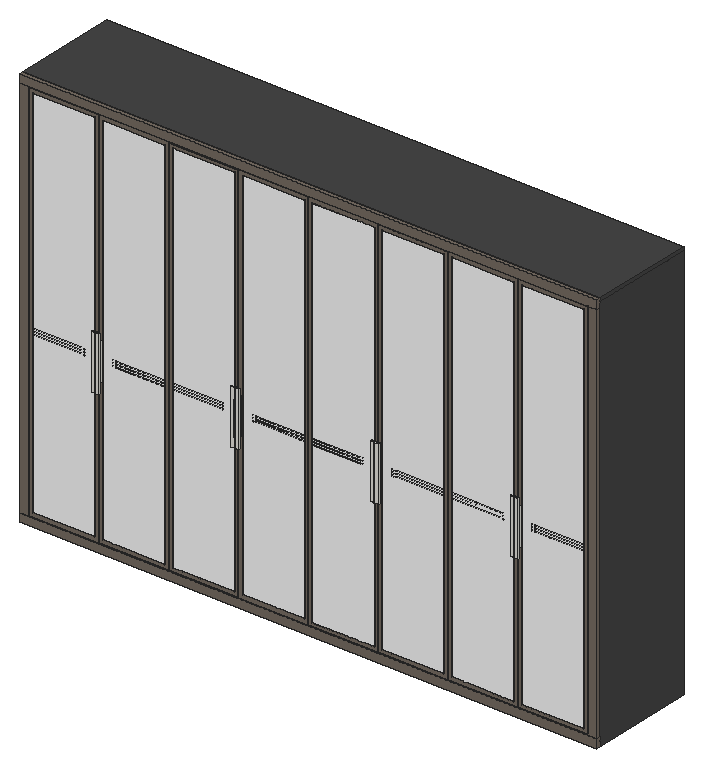
Revit family
Parameters (values of type "KO-Domestic wardrobe Audition NWP41484 01 W3270*D620*H1900")
  Manufacturer = "dreamvil"
  Model = "Audition  NWP41484"
  upper frame material = sapele width weak
  upper face material = 몸통
  side frame material = sapele length weak
  side material = 몸통
  knob material = Chrome, 2
  frame material = sapele length weak
  face material = white shine
  back face material = sapele length weak
  Width = 3300 mm
  Height = 2300 mm
  Depth = 620 mm
  Assembly Code = ""
Reference planes
  plane 1 "중심(앞/뒤)": y = 0
  plane 2: z = 0
  plane 3 "중심(왼쪽/오른쪽)": x = 0
  plane 4: y = 303.459
  plane 5: y = -316.541
  plane 6: x = -1650
  plane 7: x = 1650
  plane 8: z = 2300
  plane 9: x = -1600
  plane 10: x = 1600
  plane 11: z = 2250
  plane 12: z = 50
  plane 13: x = -1596
  plane 14: x = 1596
  plane 15: z = 2246
  plane 16: z = 54
  plane 17: x = -799
  plane 18: x = 799
  plane 19: x = -1198.5
  plane 20: x = -399.5
  plane 21: x = 399.5
  plane 22: x = 1198.5
  plane 23: x = -1598
  plane 24: x = 1598
  plane 25: x = -1200.5
  plane 26: x = -1196.5
  plane 27: x = -801
  plane 28: x = -797
  plane 29: x = -401.5
  plane 30: x = -397.5
  plane 31: x = -2
  plane 32: x = 2
  plane 33: x = 397.5
  plane 34: x = 401.5
  plane 35: x = 797
  plane 36: x = 801
  plane 37: x = 1196.5
  plane 38: x = 1200.5
  plane 39: z = 74
  plane 40: z = 2226
  plane 41: x = -1220.5
  plane 42: x = -1176.5
  plane 43: x = -1576
  plane 44: x = -821
  plane 45: x = -777
  plane 46: x = -421.5
  plane 47: x = -377.5
  plane 48: x = -22
  plane 49: x = 22
  plane 50: x = 377.5
  plane 51: x = 421.5
  plane 52: x = 777
  plane 53: x = 821
  plane 54: x = 1176.5
  plane 55: x = 1220.5
  plane 56: x = 1576
  plane 57: y = 293.459
  plane 58: y = 286.459
  plane 59: y = -296.541
  plane 60: y = -306.541
  plane 61: y = -308.541
  plane 62: z = 2280
  plane 63: z = 20
  plane 64: x = -1630
  plane 65: x = 1630
  plane 66: y = -343.081
  plane 67: y = -336.541
  plane 68: z = 997.938
  plane 69: z = 840.877
Forms (mm)
  Extrusion 1, solid, material "sapele width weak" <- "upper frame material"
    sketch origin (0, 0, 0) x (1, 0, 0) y (0, 0, 1)
      loop
        line (-1650, 2300) -> (-1650, 2250) -> (1650, 2250) -> (1650, 2300) -> (-1650, 2300)
    from 296.541 to 316.541
  Extrusion 2, solid, material "sapele width weak" <- "upper frame material"
    sketch origin (0, 0, 1792) x (1, 0, 0) y (0, 0, 1)
      loop
        line (-1650, -1792) -> (1650, -1792) -> (1650, -1742) -> (-1650, -1742) -> (-1650, -1792)
    from 296.541 to 316.541
  Extrusion 3, solid, material "sapele length weak" <- "side frame material"
    sketch origin (0, 0, 0) x (1, 0, 0) y (0, 0, 1)
      loop
        line (-1650, 2250) -> (-1650, 50) -> (-1600, 50) -> (-1600, 2250) -> (-1650, 2250)
    from 296.541 to 316.541
  Extrusion 4, solid, material "sapele length weak" <- "side frame material"
    sketch origin (104, 0, 0) x (-1, 0, 0) y (0, 0, -1)
      loop
        line (-1546, -2250) -> (-1496, -2250) -> (-1496, -50) -> (-1546, -50) -> (-1546, -2250)
    from 296.541 to 316.541
  Extrusion 5, solid, material "몸통" <- "upper face material"
    sketch origin (0, 0, 0) x (1, 0, 0) y (0, 0, 1)
      loop
        line (-1650, 2300) -> (-1650, 2280) -> (1650, 2280) -> (1650, 2300) -> (-1650, 2300)
    from -303.459 to 296.541
  Extrusion 6, solid, material "몸통" <- "upper face material"
    sketch origin (0, 0, 1672) x (1, 0, 0) y (0, 0, 1)
      loop
        line (-1630, -1672) -> (1630, -1672) -> (1630, -1652) -> (-1630, -1652) -> (-1630, -1672)
    from -303.459 to 296.541
  Extrusion 7, solid, material "몸통" <- "side material"
    sketch origin (0, 0, 0) x (1, 0, 0) y (0, 0, 1)
      loop
        line (-1650, 2280) -> (-1650, 0) -> (-1630, 0) -> (-1630, 2280) -> (-1650, 2280)
    from -303.459 to 296.541
  Extrusion 8, solid, material "몸통" <- "side material"
    sketch origin (104, 0, 0) x (-1, 0, 0) y (0, 0, -1)
      loop
        line (-1546, -2280) -> (-1526, -2280) -> (-1526, 0) -> (-1546, 0) -> (-1546, -2280)
    from -303.459 to 296.541
  Extrusion 9, solid, material "sapele length weak" <- "back face material"
    sketch origin (0, 0, 0) x (1, 0, 0) y (0, 1, 0)
      loop
        line (-1630, 293.459) -> (-1630, 286.459) -> (1630, 286.459) -> (1630, 293.459) -> (-1630, 293.459)
    from 20 to 2280
  Extrusion 10, solid, material "sapele length weak" <- "frame material"
    sketch origin (0, 0, 0) x (1, 0, 0) y (0, 0, 1)
      loop
        line (-1596, 2246) -> (-1596, 54) -> (-1200.5, 54) -> (-1200.5, 2246) -> (-1596, 2246)
      loop
        line (-1220.5, 74) -> (-1220.5, 2226) -> (-1576, 2226) -> (-1576, 74) -> (-1220.5, 74)
    from 308.541 to 316.541
  Extrusion 11, solid, material "sapele length weak" <- "frame material"
    sketch origin (-2524.5, 0, 0) x (-1, 0, 0) y (0, 0, -1)
      loop
        line (-1723.5, -2246) -> (-1328, -2246) -> (-1328, -54) -> (-1723.5, -54) -> (-1723.5, -2246)
      loop
        line (-1703.5, -74) -> (-1703.5, -1390) -> (-1703.5, -2226) -> (-1348, -2226) -> (-1348, -1390) -> (-1348, -74) -> (-1703.5, -74)
    from 308.541 to 316.541
  Extrusion 12, solid, material "sapele length weak" <- "frame material"
    sketch origin (841.5, 0, 0) x (1, 0, 0) y (0, 0, 1)
      loop
        line (-1638.5, 2246) -> (-1638.5, 54) -> (-1243, 54) -> (-1243, 2246) -> (-1638.5, 2246)
      loop
        line (-1618.5, 74) -> (-1263, 74) -> (-1263, 1390) -> (-1263, 2226) -> (-1618.5, 2226) -> (-1618.5, 1390) -> (-1618.5, 74)
    from 308.541 to 316.541
  Extrusion 13, solid, material "sapele length weak" <- "frame material"
    sketch origin (-1683, 0, 0) x (-1, 0, 0) y (0, 0, -1)
      loop
        line (-1681, -2246) -> (-1285.5, -2246) -> (-1285.5, -54) -> (-1681, -54) -> (-1681, -2246)
      loop
        line (-1661, -74) -> (-1661, -1390) -> (-1661, -2226) -> (-1305.5, -2226) -> (-1305.5, -1390) -> (-1305.5, -74) -> (-1661, -74)
    from 308.541 to 316.541
  Extrusion 14, solid, material "sapele length weak" <- "frame material"
    sketch origin (1683, 0, 0) x (1, 0, 0) y (0, 0, 1)
      loop
        line (-1681, 2246) -> (-1681, 54) -> (-1285.5, 54) -> (-1285.5, 2246) -> (-1681, 2246)
      loop
        line (-1661, 74) -> (-1305.5, 74) -> (-1305.5, 1390) -> (-1305.5, 2226) -> (-1661, 2226) -> (-1661, 1390) -> (-1661, 74)
    from 308.541 to 316.541
  Extrusion 15, solid, material "sapele length weak" <- "frame material"
    sketch origin (-841.5, 0, 0) x (-1, 0, 0) y (0, 0, -1)
      loop
        line (-1638.5, -2246) -> (-1243, -2246) -> (-1243, -54) -> (-1638.5, -54) -> (-1638.5, -2246)
      loop
        line (-1618.5, -74) -> (-1618.5, -1390) -> (-1618.5, -2226) -> (-1263, -2226) -> (-1263, -1390) -> (-1263, -74) -> (-1618.5, -74)
    from 308.541 to 316.541
  Extrusion 16, solid, material "sapele length weak" <- "frame material"
    sketch origin (2524.5, 0, 0) x (1, 0, 0) y (0, 0, 1)
      loop
        line (-1723.5, 2246) -> (-1723.5, 54) -> (-1328, 54) -> (-1328, 2246) -> (-1723.5, 2246)
      loop
        line (-1703.5, 74) -> (-1348, 74) -> (-1348, 1390) -> (-1348, 2226) -> (-1703.5, 2226) -> (-1703.5, 1390) -> (-1703.5, 74)
    from 308.541 to 316.541
  Extrusion 17, solid, material "sapele length weak" <- "frame material"
    sketch origin (0, 0, 0) x (-1, 0, 0) y (0, 0, -1)
      loop
        line (-1596, -2246) -> (-1200.5, -2246) -> (-1200.5, -54) -> (-1596, -54) -> (-1596, -2246)
      loop
        line (-1576, -74) -> (-1576, -1390) -> (-1576, -2226) -> (-1220.5, -2226) -> (-1220.5, -1390) -> (-1220.5, -74) -> (-1576, -74)
    from 308.541 to 316.541
  Extrusion 18, solid, material "white shine" <- "face material"
    sketch origin (0, 0, 0) x (1, 0, 0) y (0, 0, 1)
      loop
        line (-1576, 2226) -> (-1576, 1021) -> (-1297.25, 1021) -> (-1297.25, 1016) -> (-1576, 1016) -> (-1576, 1006) -> (-1297.25, 1006) -> (-1297.25, 1001) -> (-1576, 1001) -> (-1576, 991) -> (-1297.25, 991) -> (-1297.25, 986) -> (-1576, 986) -> (-1576, 74) -> (-1220.5, 74) -> (-1220.5, 2226) -> (-1576, 2226)
      loop
        line (-1176.5, 2226) -> (-1176.5, 74) -> (-821, 74) -> (-821, 986) -> (-1099.75, 986) -> (-1099.75, 991) -> (-821, 991) -> (-821, 1001) -> (-1099.75, 1001) -> (-1099.75, 1006) -> (-821, 1006) -> (-821, 1016) -> (-1099.75, 1016) -> (-1099.75, 1021) -> (-821, 1021) -> (-821, 2226) -> (-1176.5, 2226)
      loop
        line (-777, 2226) -> (-777, 1021) -> (-498.25, 1021) -> (-498.25, 1016) -> (-777, 1016) -> (-777, 1006) -> (-498.25, 1006) -> (-498.25, 1001) -> (-777, 1001) -> (-777, 991) -> (-498.25, 991) -> (-498.25, 986) -> (-777, 986) -> (-777, 74) -> (-421.5, 74) -> (-421.5, 2226) -> (-777, 2226)
      loop
        line (-377.5, 2226) -> (-377.5, 74) -> (-22, 74) -> (-22, 986) -> (-300.75, 986) -> (-300.75, 991) -> (-22, 991) -> (-22, 1001) -> (-300.75, 1001) -> (-300.75, 1006) -> (-22, 1006) -> (-22, 1016) -> (-300.75, 1016) -> (-300.75, 1021) -> (-22, 1021) -> (-22, 2226) -> (-377.5, 2226)
      loop
        line (22, 2226) -> (22, 1021) -> (300.75, 1021) -> (300.75, 1016) -> (22, 1016) -> (22, 1006) -> (300.75, 1006) -> (300.75, 1001) -> (22, 1001) -> (22, 991) -> (300.75, 991) -> (300.75, 986) -> (22, 986) -> (22, 74) -> (377.5, 74) -> (377.5, 2226) -> (22, 2226)
      loop
        line (421.5, 2226) -> (421.5, 74) -> (777, 74) -> (777, 986) -> (498.25, 986) -> (498.25, 991) -> (777, 991) -> (777, 1001) -> (498.25, 1001) -> (498.25, 1006) -> (777, 1006) -> (777, 1016) -> (498.25, 1016) -> (498.25, 1021) -> (777, 1021) -> (777, 2226) -> (421.5, 2226)
      loop
        line (821, 2226) -> (821, 1021) -> (1099.75, 1021) -> (1099.75, 1016) -> (821, 1016) -> (821, 1006) -> (1099.75, 1006) -> (1099.75, 1001) -> (821, 1001) -> (821, 991) -> (1099.75, 991) -> (1099.75, 986) -> (821, 986) -> (821, 74) -> (1176.5, 74) -> (1176.5, 2226) -> (821, 2226)
      loop
        line (1220.5, 2226) -> (1220.5, 74) -> (1576, 74) -> (1576, 986) -> (1297.25, 986) -> (1297.25, 991) -> (1576, 991) -> (1576, 1001) -> (1297.25, 1001) -> (1297.25, 1006) -> (1576, 1006) -> (1576, 1016) -> (1297.25, 1016) -> (1297.25, 1021) -> (1576, 1021) -> (1576, 2226) -> (1220.5, 2226)
      loop
        line (-1287.635, 1021) -> (-1287.635, 1016) -> (-1277.464, 1016) -> (-1277.464, 1021) -> (-1287.635, 1021)
      loop
        line (-1287.635, 1006) -> (-1287.635, 1001) -> (-1277.464, 1001) -> (-1277.464, 1006) -> (-1287.635, 1006)
      loop
        line (-1287.635, 991) -> (-1287.635, 986) -> (-1277.464, 986) -> (-1277.464, 991) -> (-1287.635, 991)
      loop
        line (-1109.365, 1021) -> (-1119.536, 1021) -> (-1119.536, 1016) -> (-1109.365, 1016) -> (-1109.365, 1021)
      loop
        line (-1109.365, 1006) -> (-1119.536, 1006) -> (-1119.536, 1001) -> (-1109.365, 1001) -> (-1109.365, 1006)
      loop
        line (-1109.365, 991) -> (-1119.536, 991) -> (-1119.536, 986) -> (-1109.365, 986) -> (-1109.365, 991)
      loop
        line (-310.365, 1021) -> (-320.536, 1021) -> (-320.536, 1016) -> (-310.365, 1016) -> (-310.365, 1021)
      loop
        line (-310.365, 1006) -> (-320.536, 1006) -> (-320.536, 1001) -> (-310.365, 1001) -> (-310.365, 1006)
      loop
        line (-310.365, 991) -> (-320.536, 991) -> (-320.536, 986) -> (-310.365, 986) -> (-310.365, 991)
      loop
        line (-488.635, 1021) -> (-488.635, 1016) -> (-478.464, 1016) -> (-478.464, 1021) -> (-488.635, 1021)
      loop
        line (-488.635, 1006) -> (-488.635, 1001) -> (-478.464, 1001) -> (-478.464, 1006) -> (-488.635, 1006)
      loop
        line (-488.635, 991) -> (-488.635, 986) -> (-478.464, 986) -> (-478.464, 991) -> (-488.635, 991)
      loop
        line (310.365, 1021) -> (310.365, 1016) -> (320.536, 1016) -> (320.536, 1021) -> (310.365, 1021)
      loop
        line (310.365, 1006) -> (310.365, 1001) -> (320.536, 1001) -> (320.536, 1006) -> (310.365, 1006)
      loop
        line (310.365, 991) -> (310.365, 986) -> (320.536, 986) -> (320.536, 991) -> (310.365, 991)
      loop
        line (488.635, 1021) -> (478.464, 1021) -> (478.464, 1016) -> (488.635, 1016) -> (488.635, 1021)
      loop
        line (488.635, 1006) -> (478.464, 1006) -> (478.464, 1001) -> (488.635, 1001) -> (488.635, 1006)
      loop
        line (488.635, 991) -> (478.464, 991) -> (478.464, 986) -> (488.635, 986) -> (488.635, 991)
      loop
        line (1287.635, 1021) -> (1277.464, 1021) -> (1277.464, 1016) -> (1287.635, 1016) -> (1287.635, 1021)
      loop
        line (1287.635, 1006) -> (1277.464, 1006) -> (1277.464, 1001) -> (1287.635, 1001) -> (1287.635, 1006)
      loop
        line (1287.635, 991) -> (1277.464, 991) -> (1277.464, 986) -> (1287.635, 986) -> (1287.635, 991)
      loop
        line (1109.365, 1021) -> (1109.365, 1016) -> (1119.536, 1016) -> (1119.536, 1021) -> (1109.365, 1021)
      loop
        line (1109.365, 1006) -> (1109.365, 1001) -> (1119.536, 1001) -> (1119.536, 1006) -> (1109.365, 1006)
      loop
        line (1109.365, 991) -> (1109.365, 986) -> (1119.536, 986) -> (1119.536, 991) -> (1109.365, 991)
    from 308.541 to 316.541
  Extrusion 19, solid, material "sapele length weak" <- "frame material"
    sketch origin (0, 0, 0) x (1, 0, 0) y (0, 0, 1)
      loop
        line (-1600, 2250) -> (-1600, 50) -> (1600, 50) -> (1600, 2250) -> (-1600, 2250)
    from 306.541 to 308.541
  Extrusion 20, solid, material "Chrome, 2" <- "knob material"
    sketch origin (1570.536, 0, 0) x (1, 0, 0) y (0, 0, 1)
      loop
        line (-1186, 1091.247) -> (-1186, 881.247) -> (-1180, 881.247) -> (-1180, 1091.247) -> (-1186, 1091.247)
    from 316.541 to 336.541
  Extrusion 21, solid, material "Chrome, 2" <- "knob material"
    sketch origin (-728.964, 0, 0) x (-1, 0, 0) y (0, 0, -1)
      loop
        line (-1143.5, -1091.247) -> (-1137.5, -1091.247) -> (-1137.5, -881.247) -> (-1143.5, -881.247) -> (-1143.5, -1091.247)
    from 316.541 to 336.541
  Extrusion 22, solid, material "Chrome, 2" <- "knob material"
    sketch origin (1570.536, 0, 0) x (1, 0, 0) y (0, 0, 1)
      loop
        line (-1193, 1141.247) -> (-1193, 831.247) -> (-1173, 831.247) -> (-1173, 1141.247) -> (-1193, 1141.247)
    from 336.541 to 343.081
  Extrusion 23, solid, material "Chrome, 2" <- "knob material"
    sketch origin (-728.964, 0, 0) x (-1, 0, 0) y (0, 0, -1)
      loop
        line (-1150.5, -1141.247) -> (-1130.5, -1141.247) -> (-1130.5, -831.247) -> (-1150.5, -831.247) -> (-1150.5, -1141.247)
    from 336.541 to 343.081
  Extrusion 24, solid, material "Chrome, 2" <- "knob material"
    sketch origin (-1570.536, 0, 0) x (-1, 0, 0) y (0, 0, -1)
      loop
        line (-1186, -1091.247) -> (-1180, -1091.247) -> (-1180, -881.247) -> (-1186, -881.247) -> (-1186, -1091.247)
    from 316.541 to 336.541
  Extrusion 25, solid, material "Chrome, 2" <- "knob material"
    sketch origin (728.964, 0, 0) x (1, 0, 0) y (0, 0, 1)
      loop
        line (-1143.5, 1091.247) -> (-1143.5, 881.247) -> (-1137.5, 881.247) -> (-1137.5, 1091.247) -> (-1143.5, 1091.247)
    from 316.541 to 336.541
  Extrusion 26, solid, material "Chrome, 2" <- "knob material"
    sketch origin (-1570.536, 0, 0) x (-1, 0, 0) y (0, 0, -1)
      loop
        line (-1193, -1141.247) -> (-1173, -1141.247) -> (-1173, -831.247) -> (-1193, -831.247) -> (-1193, -1141.247)
    from 336.541 to 343.081
  Extrusion 27, solid, material "Chrome, 2" <- "knob material"
    sketch origin (728.964, 0, 0) x (1, 0, 0) y (0, 0, 1)
      loop
        line (-1150.5, 1141.247) -> (-1150.5, 831.247) -> (-1130.5, 831.247) -> (-1130.5, 1141.247) -> (-1150.5, 1141.247)
    from 336.541 to 343.081
  Extrusion 28, solid, material "Chrome, 2" <- "knob material"
    sketch origin (-112.464, 0, 0) x (1, 0, 0) y (0, 0, 1)
      loop
        line (-1101, 1091.247) -> (-1101, 881.247) -> (-1095, 881.247) -> (-1095, 1091.247) -> (-1101, 1091.247)
    from 316.541 to 336.541
  Extrusion 29, solid, material "Chrome, 2" <- "knob material"
    sketch origin (-2411.964, 0, 0) x (-1, 0, 0) y (0, 0, -1)
      loop
        line (-1228.5, -1091.247) -> (-1222.5, -1091.247) -> (-1222.5, -881.247) -> (-1228.5, -881.247) -> (-1228.5, -1091.247)
    from 316.541 to 336.541
  Extrusion 30, solid, material "Chrome, 2" <- "knob material"
    sketch origin (-112.464, 0, 0) x (1, 0, 0) y (0, 0, 1)
      loop
        line (-1108, 1141.247) -> (-1108, 831.247) -> (-1088, 831.247) -> (-1088, 1141.247) -> (-1108, 1141.247)
    from 336.541 to 343.081
  Extrusion 31, solid, material "Chrome, 2" <- "knob material"
    sketch origin (-2411.964, 0, 0) x (-1, 0, 0) y (0, 0, -1)
      loop
        line (-1235.5, -1141.247) -> (-1215.5, -1141.247) -> (-1215.5, -831.247) -> (-1235.5, -831.247) -> (-1235.5, -1141.247)
    from 336.541 to 343.081
  Extrusion 32, solid, material "Chrome, 2" <- "knob material"
    sketch origin (-372.536, 0, 0) x (-1, 0, 0) y (0, 0, -1)
      loop
        line (-1586, -1091.247) -> (-1580, -1091.247) -> (-1580, -881.247) -> (-1586, -881.247) -> (-1586, -1091.247)
    from 316.541 to 336.541
  Extrusion 33, solid, material "Chrome, 2" <- "knob material"
    sketch origin (1926.964, 0, 0) x (1, 0, 0) y (0, 0, 1)
      loop
        line (-743.5, 1091.247) -> (-743.5, 881.247) -> (-737.5, 881.247) -> (-737.5, 1091.247) -> (-743.5, 1091.247)
    from 316.541 to 336.541
  Extrusion 34, solid, material "Chrome, 2" <- "knob material"
    sketch origin (-372.536, 0, 0) x (-1, 0, 0) y (0, 0, -1)
      loop
        line (-1593, -1141.247) -> (-1573, -1141.247) -> (-1573, -831.247) -> (-1593, -831.247) -> (-1593, -1141.247)
    from 336.541 to 343.081
  Extrusion 35, solid, material "Chrome, 2" <- "knob material"
    sketch origin (1926.964, 0, 0) x (1, 0, 0) y (0, 0, 1)
      loop
        line (-750.5, 1141.247) -> (-750.5, 831.247) -> (-730.5, 831.247) -> (-730.5, 1141.247) -> (-750.5, 1141.247)
    from 336.541 to 343.081
Lines and regions (mm)
  symbolic lines, detail levels coarse+medium
    curve 1: line (-1650, 303.459, 0) -> (1650, 303.459, 0)
    curve 2: line (-1650, -316.541, 0) -> (-1650, 303.459, 0)
    curve 3: line (1650, -316.541, 0) -> (-1650, -316.541, 0)
    curve 4: line (1650, 303.459, 0) -> (1650, -316.541, 0)
    curve 5: line (-1650, -296.541, 0) -> (1650, -296.541, 0)
  symbolic lines, detail levels fine
    curve 6: line (1650, 303.459, 0) -> (-1650, 303.459, 0)
    curve 7: line (1630, 293.459, 0) -> (-1630, 293.459, 0)
    curve 8: line (-1630, 286.459, 0) -> (1630, 286.459, 0)
    curve 9: line (-1650, -296.541, 0) -> (1650, -296.541, 0)
    curve 10: line (1600, -306.541, 0) -> (-1600, -306.541, 0)
    curve 11: line (-1600, -308.541, 0) -> (1600, -308.541, 0)
    curve 12: line (-1650, -316.541, 0) -> (1650, -316.541, 0)
    curve 13: line (1220.464, -336.541, 0) -> (1200.464, -336.541, 0)
    curve 14: line (1196.464, -336.541, 0) -> (1176.464, -336.541, 0)
    curve 15: line (1200.464, -343.081, 0) -> (1220.464, -343.081, 0)
    curve 16: line (1176.464, -343.081, 0) -> (1196.464, -343.081, 0)
    curve 17: line (421.536, -336.541, 0) -> (401.536, -336.541, 0)
    curve 18: line (401.536, -343.081, 0) -> (421.536, -343.081, 0)
    curve 19: line (397.536, -336.541, 0) -> (377.536, -336.541, 0)
    curve 20: line (377.536, -343.081, 0) -> (397.536, -343.081, 0)
    curve 21: line (-377.536, -336.541, 0) -> (-397.536, -336.541, 0)
    curve 22: line (-397.536, -343.081, 0) -> (-377.536, -343.081, 0)
    curve 23: line (-401.536, -336.541, 0) -> (-421.536, -336.541, 0)
    curve 24: line (-421.536, -343.081, 0) -> (-401.536, -343.081, 0)
    curve 25: line (-1176.464, -336.541, 0) -> (-1196.464, -336.541, 0)
    curve 26: line (-1200.464, -336.541, 0) -> (-1220.464, -336.541, 0)
    curve 27: line (-1196.464, -343.081, 0) -> (-1176.464, -343.081, 0)
    curve 28: line (-1220.464, -343.081, 0) -> (-1200.464, -343.081, 0)
    curve 29: line (1650, -316.541, 0) -> (1650, 303.459, 0)
    curve 30: line (1630, 303.459, 0) -> (1630, -296.541, 0)
    curve 31: line (1600, -296.541, 0) -> (1600, -316.541, 0)
    curve 32: line (1596, -316.541, 0) -> (1596, -308.541, 0)
    curve 33: line (1576, -316.541, 0) -> (1576, -308.541, 0)
    curve 34: line (1297.25, -316.541, 0) -> (1297.25, -308.541, 0)
    curve 35: line (1287.635, -308.541, 0) -> (1287.635, -316.541, 0)
    curve 36: line (1277.464, -316.541, 0) -> (1277.464, -308.541, 0)
    curve 37: line (1220.5, -308.541, 0) -> (1220.5, -316.541, 0)
    curve 38: line (1220.464, -343.081, 0) -> (1220.464, -336.541, 0)
    curve 39: line (1213.464, -336.541, 0) -> (1213.464, -316.541, 0)
    curve 40: line (1207.464, -316.541, 0) -> (1207.464, -336.541, 0)
    curve 41: line (1200.5, -308.541, 0) -> (1200.5, -316.541, 0)
    curve 42: line (1200.464, -336.541, 0) -> (1200.464, -343.081, 0)
    curve 43: line (1196.5, -316.541, 0) -> (1196.5, -308.541, 0)
    curve 44: line (1189.464, -336.541, 0) -> (1189.464, -316.541, 0)
    curve 45: line (1196.464, -343.081, 0) -> (1196.464, -336.541, 0)
    curve 46: line (1183.464, -316.541, 0) -> (1183.464, -336.541, 0)
    curve 47: line (1176.464, -336.541, 0) -> (1176.464, -343.081, 0)
    curve 48: line (1176.5, -316.541, 0) -> (1176.5, -308.541, 0)
    curve 49: line (1119.536, -308.541, 0) -> (1119.536, -316.541, 0)
    curve 50: line (1109.365, -316.541, 0) -> (1109.365, -308.541, 0)
    curve 51: line (1099.75, -308.541, 0) -> (1099.75, -316.541, 0)
    curve 52: line (821, -308.541, 0) -> (821, -316.541, 0)
    curve 53: line (801, -308.541, 0) -> (801, -316.541, 0)
    curve 54: line (797, -316.541, 0) -> (797, -308.541, 0)
    curve 55: line (777, -316.541, 0) -> (777, -308.541, 0)
    curve 56: line (498.25, -316.541, 0) -> (498.25, -308.541, 0)
    curve 57: line (488.635, -308.541, 0) -> (488.635, -316.541, 0)
    curve 58: line (478.464, -316.541, 0) -> (478.464, -308.541, 0)
    curve 59: line (421.5, -308.541, 0) -> (421.5, -316.541, 0)
    curve 60: line (414.536, -336.541, 0) -> (414.536, -316.541, 0)
    curve 61: line (421.536, -343.081, 0) -> (421.536, -336.541, 0)
    curve 62: line (408.536, -316.541, 0) -> (408.536, -336.541, 0)
    curve 63: line (401.536, -336.541, 0) -> (401.536, -343.081, 0)
    curve 64: line (401.5, -308.541, 0) -> (401.5, -316.541, 0)
    curve 65: line (397.5, -316.541, 0) -> (397.5, -308.541, 0)
    curve 66: line (397.536, -343.081, 0) -> (397.536, -336.541, 0)
    curve 67: line (390.536, -336.541, 0) -> (390.536, -316.541, 0)
    curve 68: line (384.536, -316.541, 0) -> (384.536, -336.541, 0)
    curve 69: line (377.5, -316.541, 0) -> (377.5, -308.541, 0)
    curve 70: line (377.536, -336.541, 0) -> (377.536, -343.081, 0)
    curve 71: line (320.536, -308.541, 0) -> (320.536, -316.541, 0)
    curve 72: line (310.365, -316.541, 0) -> (310.365, -308.541, 0)
    curve 73: line (300.75, -308.541, 0) -> (300.75, -316.541, 0)
    curve 74: line (22, -308.541, 0) -> (22, -316.541, 0)
    curve 75: line (2, -308.541, 0) -> (2, -316.541, 0)
    curve 76: line (-2, -316.541, 0) -> (-2, -308.541, 0)
    curve 77: line (-22, -316.541, 0) -> (-22, -308.541, 0)
    curve 78: line (-300.75, -316.541, 0) -> (-300.75, -308.541, 0)
    curve 79: line (-310.365, -308.541, 0) -> (-310.365, -316.541, 0)
    curve 80: line (-320.536, -316.541, 0) -> (-320.536, -308.541, 0)
    curve 81: line (-377.5, -308.541, 0) -> (-377.5, -316.541, 0)
    curve 82: line (-377.536, -343.081, 0) -> (-377.536, -336.541, 0)
    curve 83: line (-384.536, -336.541, 0) -> (-384.536, -316.541, 0)
    curve 84: line (-390.536, -316.541, 0) -> (-390.536, -336.541, 0)
    curve 85: line (-397.5, -308.541, 0) -> (-397.5, -316.541, 0)
    curve 86: line (-397.536, -336.541, 0) -> (-397.536, -343.081, 0)
    curve 87: line (-401.5, -316.541, 0) -> (-401.5, -308.541, 0)
    curve 88: line (-408.536, -336.541, 0) -> (-408.536, -316.541, 0)
    curve 89: line (-401.536, -343.081, 0) -> (-401.536, -336.541, 0)
    curve 90: line (-421.536, -336.541, 0) -> (-421.536, -343.081, 0)
    curve 91: line (-414.536, -316.541, 0) -> (-414.536, -336.541, 0)
    curve 92: line (-421.5, -316.541, 0) -> (-421.5, -308.541, 0)
    curve 93: line (-478.464, -308.541, 0) -> (-478.464, -316.541, 0)
    curve 94: line (-488.635, -316.541, 0) -> (-488.635, -308.541, 0)
    curve 95: line (-498.25, -308.541, 0) -> (-498.25, -316.541, 0)
    curve 96: line (-777, -308.541, 0) -> (-777, -316.541, 0)
    curve 97: line (-797, -308.541, 0) -> (-797, -316.541, 0)
    curve 98: line (-801, -316.541, 0) -> (-801, -308.541, 0)
    curve 99: line (-821, -316.541, 0) -> (-821, -308.541, 0)
    curve 100: line (-1099.75, -316.541, 0) -> (-1099.75, -308.541, 0)
    curve 101: line (-1109.365, -308.541, 0) -> (-1109.365, -316.541, 0)
    curve 102: line (-1119.536, -316.541, 0) -> (-1119.536, -308.541, 0)
    curve 103: line (-1176.5, -308.541, 0) -> (-1176.5, -316.541, 0)
    curve 104: line (-1183.464, -336.541, 0) -> (-1183.464, -316.541, 0)
    curve 105: line (-1176.464, -343.081, 0) -> (-1176.464, -336.541, 0)
    curve 106: line (-1189.464, -316.541, 0) -> (-1189.464, -336.541, 0)
    curve 107: line (-1196.464, -336.541, 0) -> (-1196.464, -343.081, 0)
    curve 108: line (-1196.5, -308.541, 0) -> (-1196.5, -316.541, 0)
    curve 109: line (-1200.5, -316.541, 0) -> (-1200.5, -308.541, 0)
    curve 110: line (-1200.464, -343.081, 0) -> (-1200.464, -336.541, 0)
    curve 111: line (-1207.464, -336.541, 0) -> (-1207.464, -316.541, 0)
    curve 112: line (-1220.5, -316.541, 0) -> (-1220.5, -308.541, 0)
    curve 113: line (-1213.464, -316.541, 0) -> (-1213.464, -336.541, 0)
    curve 114: line (-1220.464, -336.541, 0) -> (-1220.464, -343.081, 0)
    curve 115: line (-1277.464, -308.541, 0) -> (-1277.464, -316.541, 0)
    curve 116: line (-1287.635, -316.541, 0) -> (-1287.635, -308.541, 0)
    curve 117: line (-1297.25, -308.541, 0) -> (-1297.25, -316.541, 0)
    curve 118: line (-1576, -308.541, 0) -> (-1576, -316.541, 0)
    curve 119: line (-1596, -308.541, 0) -> (-1596, -316.541, 0)
    curve 120: line (-1600, -316.541, 0) -> (-1600, -296.541, 0)
    curve 121: line (-1630, -296.541, 0) -> (-1630, 303.459, 0)
    curve 122: line (-1650, 303.459, 0) -> (-1650, -316.541, 0)
Dimensions and locks
  equal spacing: plane 23, plane 19, plane 17, plane 20, plane 3 "중심(왼쪽/오른쪽)", plane 21, plane 18, plane 22, plane 24
  "Width": plane 6 to plane 7
  "Height": plane 8 to level
  "Depth": plane 5 to plane 4
  locked: plane 6 to plane 64 at 20
  locked: plane 64 to plane 9 at 30
  locked: plane 9 to plane 23 at 2
  locked: plane 23 to plane 13 at 2
  locked: plane 19 to plane 25 at 2
  locked: plane 26 to plane 19 at 2
  locked: plane 17 to plane 27 at 2
  locked: plane 28 to plane 17 at 2
  locked: plane 20 to plane 29 at 2
  locked: plane 30 to plane 20 at 2
  locked: plane 3 "중심(왼쪽/오른쪽)" to plane 31 at 2
  locked: plane 32 to plane 3 "중심(왼쪽/오른쪽)" at 2
  locked: plane 21 to plane 33 at 2
  locked: plane 34 to plane 21 at 2
  locked: plane 18 to plane 35 at 2
  locked: plane 36 to plane 18 at 2
  locked: plane 22 to plane 37 at 2
  locked: plane 38 to plane 22 at 2
  locked: plane 14 to plane 24 at 2
  locked: plane 24 to plane 10 at 2
  locked: plane 10 to plane 65 at 30
  locked: plane 65 to plane 7 at 20
  locked: plane 8 to plane 62 at 20
  locked: plane 62 to plane 11 at 30
  locked: plane 11 to plane 15 at 4
  locked: plane 16 to plane 12 at 4
  locked: plane 12 to plane 63 at 30
  locked: plane 63 to level at 20
  locked: plane 57 to plane 4 at 10
  locked: plane 58 to plane 57 at 7
  locked: plane 60 to plane 59 at 10
  locked: plane 61 to plane 60 at 2
  locked: plane 5 to plane 61 at 8
  locked: plane 67 to plane 5 at 20
  locked: plane 66 to plane 67 at 6.541
  locked: plane 13 to plane 43 at 20
  locked: plane 25 to plane 41 at 20
  locked: plane 42 to plane 26 at 20
  locked: plane 27 to plane 44 at 20
  locked: plane 45 to plane 28 at 20
  locked: plane 29 to plane 46 at 20
  locked: plane 47 to plane 30 at 20
  locked: plane 31 to plane 48 at 20
  locked: plane 49 to plane 32 at 20
  locked: plane 33 to plane 50 at 20
  locked: plane 51 to plane 34 at 20
  locked: plane 35 to plane 52 at 20
  locked: plane 53 to plane 36 at 20
  locked: plane 37 to plane 54 at 20
  locked: plane 55 to plane 38 at 20
  locked: plane 56 to plane 14 at 20
  locked: plane 15 to plane 40 at 20
  locked: plane 39 to plane 16 at 20
  locked: plane 69 to plane 39 at 766.877
  aligned and locked: Extrusion 5 to Extrusion 6
  aligned and locked: plane 4 to Extrusion 7
  aligned and locked: plane 4 to Extrusion 8
  aligned and locked: plane 57 to Extrusion 9
  aligned and locked: plane 58 to Extrusion 9
  aligned and locked: plane 4 to Extrusion 5
  aligned and locked: Extrusion 6 to Extrusion 5  (x2)
  aligned and locked: Extrusion 1 to Extrusion 5
  aligned and locked: Extrusion 3 to Extrusion 1
  aligned and locked: plane 5 to Extrusion 3
  aligned and locked: plane 5 to Extrusion 4
  aligned and locked: plane 5 to Extrusion 17
  aligned and locked: Extrusion 1 to Extrusion 14
  aligned and locked: Extrusion 1 to Extrusion 13
  aligned and locked: Extrusion 1 to Extrusion 15
  aligned and locked: Extrusion 1 to Extrusion 16
  aligned and locked: Extrusion 1 to Extrusion 17
  aligned and locked: Extrusion 2 to Extrusion 1
  aligned and locked: Extrusion 1 to Extrusion 12
  aligned and locked: Extrusion 1 to Extrusion 11
  aligned and locked: Extrusion 1 to Extrusion 10
  aligned and locked: plane 5 to Extrusion 1
  aligned and locked: Extrusion 10 to Extrusion 1
  aligned and locked: Extrusion 17 to Extrusion 1
  aligned and locked: Extrusion 14 to Extrusion 1  (x2)
  aligned and locked: plane 6 to Extrusion 5
  aligned and locked: plane 64 to Extrusion 7
  aligned and locked: plane 64 to Extrusion 9
  aligned and locked: Extrusion 5 to plane 7
  aligned and locked: plane 65 to Extrusion 8
  aligned and locked: plane 65 to Extrusion 9
  aligned and locked: plane 7 to Extrusion 1
  aligned and locked: plane 10 to Extrusion 4
  aligned and locked: plane 14 to Extrusion 17
  aligned and locked: plane 56 to Extrusion 17  (x2)
  aligned and locked: plane 43 to Extrusion 10
  aligned and locked: plane 13 to Extrusion 10
  aligned and locked: plane 9 to Extrusion 3
  aligned and locked: plane 6 to Extrusion 1
  aligned and locked: plane 8 to Extrusion 1
  aligned and locked: plane 62 to Extrusion 5
  aligned and locked: plane 11 to Extrusion 3
  aligned and locked: level to Extrusion 2
  aligned and locked: plane 63 to Extrusion 6
  aligned and locked: plane 12 to Extrusion 2
  aligned and locked: plane 16 to Extrusion 10
  aligned and locked: plane 39 to Extrusion 10
  aligned and locked: plane 2 to Extrusion 2
  aligned and locked: plane 12 to Extrusion 3
  aligned and locked: plane 16 to Extrusion 17
  aligned and locked: plane 63 to Extrusion 9
  aligned and locked: plane 12 to Extrusion 4
  aligned and locked: plane 39 to Extrusion 17
  aligned and locked: plane 39 to Extrusion 16
  aligned and locked: plane 39 to Extrusion 15
  aligned and locked: plane 39 to Extrusion 14
  aligned and locked: plane 39 to Extrusion 13
  aligned and locked: plane 39 to Extrusion 12
  aligned and locked: plane 39 to Extrusion 11
  aligned and locked: plane 40 to Extrusion 10
  aligned and locked: plane 40 to Extrusion 11
  aligned and locked: plane 40 to Extrusion 12
  aligned and locked: plane 40 to Extrusion 13
  aligned and locked: plane 40 to Extrusion 14
  aligned and locked: plane 40 to Extrusion 15
  aligned and locked: plane 40 to Extrusion 16
  aligned and locked: plane 40 to Extrusion 17
  aligned and locked: plane 15 to Extrusion 10
  aligned and locked: plane 15 to Extrusion 11
  aligned and locked: plane 15 to Extrusion 12
  aligned and locked: plane 15 to Extrusion 13
  aligned and locked: plane 15 to Extrusion 14
  aligned and locked: plane 15 to Extrusion 15
  aligned and locked: plane 15 to Extrusion 16
  aligned and locked: plane 15 to Extrusion 17
  aligned and locked: plane 16 to Extrusion 16
  aligned and locked: plane 16 to Extrusion 15
  aligned and locked: plane 16 to Extrusion 14
  aligned and locked: plane 16 to Extrusion 13
  aligned and locked: plane 16 to Extrusion 12
  aligned and locked: plane 16 to Extrusion 11
  aligned and locked: plane 41 to Extrusion 10
  aligned and locked: plane 42 to Extrusion 11  (x2)
  aligned and locked: plane 26 to Extrusion 11
  aligned and locked: plane 25 to Extrusion 10
  aligned and locked: plane 44 to Extrusion 11  (x2)
  aligned and locked: plane 27 to Extrusion 11
  aligned and locked: plane 28 to Extrusion 12
  aligned and locked: plane 45 to Extrusion 12  (x2)
  aligned and locked: plane 46 to Extrusion 12  (x2)
  aligned and locked: plane 29 to Extrusion 12
  aligned and locked: plane 30 to Extrusion 13
  aligned and locked: plane 47 to Extrusion 13  (x2)
  aligned and locked: plane 48 to Extrusion 13  (x2)
  aligned and locked: plane 31 to Extrusion 13
  aligned and locked: plane 32 to Extrusion 14
  aligned and locked: plane 49 to Extrusion 14  (x2)
  aligned and locked: plane 50 to Extrusion 14  (x2)
  aligned and locked: plane 33 to Extrusion 14
  aligned and locked: plane 34 to Extrusion 15
  aligned and locked: plane 51 to Extrusion 15  (x2)
  aligned and locked: plane 52 to Extrusion 15  (x2)
  aligned and locked: plane 35 to Extrusion 15
  aligned and locked: plane 36 to Extrusion 16
  aligned and locked: plane 53 to Extrusion 16  (x2)
  aligned and locked: plane 54 to Extrusion 16  (x2)
  aligned and locked: plane 55 to Extrusion 17  (x2)
  aligned and locked: plane 38 to Extrusion 17
  aligned and locked: plane 37 to Extrusion 16
  aligned and locked: Extrusion 3 to Extrusion 10
  aligned and locked: Extrusion 3 to Extrusion 11
  aligned and locked: Extrusion 3 to Extrusion 12
  aligned and locked: Extrusion 3 to Extrusion 14
  aligned and locked: Extrusion 3 to Extrusion 15
  aligned and locked: Extrusion 3 to Extrusion 16
  aligned and locked: Extrusion 3 to Extrusion 17
  aligned and locked: Extrusion 10 to Extrusion 3  (x13)
  aligned and locked: Extrusion 3 to Extrusion 7
  aligned and locked: plane 59 to Extrusion 7
  aligned and locked: Extrusion 7 to Extrusion 3  (x3)
  aligned and locked: Extrusion 10 to plane 61
  aligned and locked: Extrusion 2 to Extrusion 5
  aligned and locked: Extrusion 17 to plane 61
  aligned and locked: plane 59 to Extrusion 5
  aligned and locked: plane 59 to Extrusion 6
  aligned and locked: Extrusion 9 to plane 62
  aligned and locked: plane 5 to Extrusion 18
  aligned and locked: Extrusion 18 to plane 61
  aligned and locked: plane 61 to Extrusion 19
  aligned and locked: Extrusion 19 to plane 60
  aligned and locked: plane 5 to Extrusion 10
  aligned and locked: Extrusion 11 to plane 61
  aligned and locked: Extrusion 12 to plane 61
  aligned and locked: Extrusion 13 to plane 61
  aligned and locked: Extrusion 16 to plane 61
  aligned and locked: Extrusion 15 to plane 61
  aligned and locked: Extrusion 14 to plane 61
  aligned and locked: plane 59 to Extrusion 8
  aligned and locked: Extrusion 4 to plane 59
  aligned and locked: Extrusion 23 to Extrusion 21  (x2)
  aligned and locked: Extrusion 22 to Extrusion 20  (x2)
  aligned and locked: Extrusion 25 to Extrusion 27
  aligned and locked: Extrusion 24 to Extrusion 26
  aligned and locked: Extrusion 31 to Extrusion 29  (x2)
  aligned and locked: Extrusion 30 to Extrusion 28  (x2)
  aligned and locked: plane 66 to Extrusion 30
  aligned and locked: plane 66 to Extrusion 31
  aligned and locked: plane 66 to Extrusion 27
  aligned and locked: plane 66 to Extrusion 26
  aligned and locked: plane 66 to Extrusion 22
  aligned and locked: plane 66 to Extrusion 23
  aligned and locked: plane 67 to Extrusion 30
  aligned and locked: Extrusion 31 to plane 67
  aligned and locked: plane 5 to Extrusion 28
  aligned and locked: plane 5 to Extrusion 29
  aligned and locked: plane 5 to Extrusion 25
  aligned and locked: plane 5 to Extrusion 24
  aligned and locked: plane 67 to Extrusion 26
  aligned and locked: plane 67 to Extrusion 27
  aligned and locked: Extrusion 27 to Extrusion 25
  aligned and locked: Extrusion 26 to Extrusion 24
  aligned and locked: plane 5 to Extrusion 20
  aligned and locked: plane 5 to Extrusion 21
  aligned and locked: plane 67 to Extrusion 22
  aligned and locked: Extrusion 23 to plane 67
  aligned and locked: Extrusion 22 to plane 66
  aligned and locked: Extrusion 23 to plane 66
  aligned and locked: curve 1 to Extrusion 5  (x2)
  aligned and locked: curve 4 to Extrusion 1  (x2)
  aligned and locked: curve 2 to curve 5
  aligned and locked: curve 5 to Extrusion 1
  aligned and locked: Extrusion 33 to Extrusion 35  (x2)
  aligned and locked: Extrusion 32 to Extrusion 34  (x2)
  aligned and locked: curve 6 to Extrusion 5
  aligned and locked: curve 7 to Extrusion 9
  aligned and locked: curve 8 to Extrusion 9
  aligned and locked: curve 9 to Extrusion 5
  aligned and locked: curve 10 to Extrusion 19
  aligned and locked: curve 11 to Extrusion 19
  aligned and locked: curve 12 to Extrusion 1
  aligned and locked: curve 13 to Extrusion 34
  aligned and locked: curve 14 to Extrusion 35
  aligned and locked: curve 15 to Extrusion 34
  aligned and locked: curve 16 to Extrusion 35
  aligned and locked: curve 17 to Extrusion 23
  aligned and locked: curve 18 to Extrusion 23
  aligned and locked: curve 19 to Extrusion 22
  aligned and locked: curve 20 to Extrusion 22
  aligned and locked: curve 21 to Extrusion 26
  aligned and locked: curve 22 to Extrusion 26
  aligned and locked: curve 23 to Extrusion 27
  aligned and locked: curve 24 to Extrusion 27
  aligned and locked: curve 25 to Extrusion 31
  aligned and locked: curve 26 to Extrusion 30
  aligned and locked: curve 27 to Extrusion 31
  aligned and locked: curve 28 to Extrusion 30
  aligned and locked: curve 29 to Extrusion 5
  aligned and locked: curve 30 to Extrusion 8
  aligned and locked: curve 31 to Extrusion 4
  aligned and locked: curve 32 to Extrusion 17
  aligned and locked: curve 33 to Extrusion 18
  aligned and locked: curve 34 to Extrusion 18
  aligned and locked: curve 35 to Extrusion 18
  aligned and locked: curve 36 to Extrusion 18
  aligned and locked: curve 37 to Extrusion 18
  aligned and locked: curve 38 to Extrusion 34
  aligned and locked: curve 39 to Extrusion 32
  aligned and locked: curve 40 to Extrusion 32
  aligned and locked: curve 41 to Extrusion 17
  aligned and locked: curve 42 to Extrusion 34
  aligned and locked: curve 43 to Extrusion 16
  aligned and locked: curve 44 to Extrusion 33
  aligned and locked: curve 45 to Extrusion 35
  aligned and locked: curve 46 to Extrusion 33
  aligned and locked: curve 47 to Extrusion 35
  aligned and locked: curve 48 to Extrusion 18
  aligned and locked: curve 49 to Extrusion 18
  aligned and locked: curve 50 to Extrusion 18
  aligned and locked: curve 51 to Extrusion 18
  aligned and locked: curve 52 to Extrusion 18
  aligned and locked: curve 53 to Extrusion 16
  aligned and locked: curve 54 to Extrusion 15
  aligned and locked: curve 55 to Extrusion 18
  aligned and locked: curve 56 to Extrusion 18
  aligned and locked: curve 57 to Extrusion 18
  aligned and locked: curve 58 to Extrusion 18
  aligned and locked: curve 59 to Extrusion 18
  aligned and locked: curve 60 to Extrusion 21
  aligned and locked: curve 61 to Extrusion 23
  aligned and locked: curve 62 to Extrusion 21
  aligned and locked: curve 63 to Extrusion 23
  aligned and locked: curve 64 to Extrusion 15
  aligned and locked: curve 65 to Extrusion 14
  aligned and locked: curve 66 to Extrusion 22
  aligned and locked: curve 67 to Extrusion 20
  aligned and locked: curve 68 to Extrusion 20
  aligned and locked: curve 69 to Extrusion 18
  aligned and locked: curve 70 to Extrusion 22
  aligned and locked: curve 71 to Extrusion 18
  aligned and locked: curve 72 to Extrusion 18
  aligned and locked: curve 73 to Extrusion 18
  aligned and locked: curve 74 to Extrusion 18
  aligned and locked: curve 75 to Extrusion 14
  aligned and locked: curve 76 to Extrusion 13
  aligned and locked: curve 77 to Extrusion 18
  aligned and locked: curve 78 to Extrusion 18
  aligned and locked: curve 79 to Extrusion 18
  aligned and locked: curve 80 to Extrusion 18
  aligned and locked: curve 81 to Extrusion 18
  aligned and locked: curve 82 to Extrusion 26
  aligned and locked: curve 83 to Extrusion 24
  aligned and locked: curve 84 to Extrusion 24
  aligned and locked: curve 85 to Extrusion 13
  aligned and locked: curve 86 to Extrusion 26
  aligned and locked: curve 87 to Extrusion 12
  aligned and locked: curve 88 to Extrusion 25
  aligned and locked: curve 89 to Extrusion 27
  aligned and locked: curve 90 to Extrusion 27
  aligned and locked: curve 91 to Extrusion 25
  aligned and locked: curve 92 to Extrusion 18
  aligned and locked: curve 93 to Extrusion 18
  aligned and locked: curve 94 to Extrusion 18
  aligned and locked: curve 95 to Extrusion 18
  aligned and locked: curve 96 to Extrusion 18
  aligned and locked: curve 97 to Extrusion 12
  aligned and locked: curve 98 to Extrusion 11
  aligned and locked: curve 99 to Extrusion 18
  aligned and locked: curve 100 to Extrusion 18
  aligned and locked: curve 101 to Extrusion 18
  aligned and locked: curve 102 to Extrusion 18
  aligned and locked: curve 103 to Extrusion 18
  aligned and locked: curve 104 to Extrusion 29
  aligned and locked: curve 105 to Extrusion 31
  aligned and locked: curve 106 to Extrusion 29
  aligned and locked: curve 107 to Extrusion 31
  aligned and locked: curve 108 to Extrusion 11
  aligned and locked: curve 109 to Extrusion 10
  aligned and locked: curve 110 to Extrusion 30
  aligned and locked: curve 111 to Extrusion 28
  aligned and locked: curve 112 to Extrusion 18
  aligned and locked: curve 113 to Extrusion 28
  aligned and locked: curve 114 to Extrusion 30
  aligned and locked: curve 115 to Extrusion 18
  aligned and locked: curve 116 to Extrusion 18
  aligned and locked: curve 117 to Extrusion 18
  aligned and locked: curve 118 to Extrusion 18
  aligned and locked: curve 119 to Extrusion 10
  aligned and locked: curve 120 to Extrusion 3
  aligned and locked: curve 121 to Extrusion 7
Automatic sketch dimensions
  Extrusion 1 sketch curve to plane 6 = 0 mm
  Extrusion 1 sketch curve to plane 7 = 0 mm
  Extrusion 1 sketch curve to plane 11 = 0 mm
  Extrusion 1 sketch curve to plane 8 = 0 mm
  Extrusion 2 sketch curve to plane 6 = 0 mm
  Extrusion 2 sketch curve to plane 7 = 0 mm
  Extrusion 2 sketch curve to level = 0 mm
  Extrusion 2 sketch curve to plane 12 = 0 mm
  Extrusion 3 sketch curve to plane 6 = 0 mm
  Extrusion 3 sketch curve to plane 9 = 0 mm
  Extrusion 3 sketch curve to plane 12 = 0 mm
  Extrusion 3 sketch curve to plane 11 = 0 mm
  Extrusion 4 sketch curve to plane 7 = 0 mm
  Extrusion 4 sketch curve to plane 10 = 0 mm
  Extrusion 4 sketch curve to plane 11 = 0 mm
  Extrusion 4 sketch curve to plane 12 = 0 mm
  Extrusion 5 sketch curve to plane 6 = 0 mm
  Extrusion 5 sketch curve to plane 7 = 0 mm
  Extrusion 5 sketch curve to plane 62 = 0 mm
  Extrusion 5 sketch curve to plane 8 = 0 mm
  Extrusion 6 sketch curve to plane 63 = 0 mm
  Extrusion 6 sketch curve to plane 64 = 0 mm
  Extrusion 6 sketch curve to plane 65 = 0 mm
  Extrusion 6 sketch curve to level = 0 mm
  Extrusion 7 sketch curve to level = 0 mm
  Extrusion 7 sketch curve to plane 6 = 0 mm
  Extrusion 7 sketch curve to plane 64 = 0 mm
  Extrusion 7 sketch curve to plane 62 = 0 mm
  Extrusion 8 sketch curve to level = 0 mm
  Extrusion 8 sketch curve to plane 7 = 0 mm
  Extrusion 8 sketch curve to plane 65 = 0 mm
  Extrusion 8 sketch curve to plane 62 = 0 mm
  Extrusion 9 sketch curve to plane 58 = 0 mm
  Extrusion 9 sketch curve to plane 64 = 0 mm
  Extrusion 9 sketch curve to plane 65 = 0 mm
  Extrusion 9 sketch curve to plane 57 = 0 mm
  Extrusion 10 sketch curve to plane 13 = 0 mm
  Extrusion 10 sketch curve to plane 40 = 0 mm
  Extrusion 10 sketch curve to plane 43 = 0 mm
  Extrusion 10 sketch curve to plane 41 = 0 mm
  Extrusion 10 sketch curve to plane 16 = 0 mm
  Extrusion 10 sketch curve to plane 25 = 0 mm
  Extrusion 10 sketch curve to plane 39 = 0 mm
  Extrusion 10 sketch curve to plane 15 = 0 mm
  Extrusion 11 sketch curve to plane 16 = 0 mm
  Extrusion 11 sketch curve to plane 27 = 0 mm
  Extrusion 11 sketch curve to plane 40 = 0 mm
  Extrusion 11 sketch curve to plane 44 = 0 mm
  Extrusion 11 sketch curve to plane 39 = 0 mm
  Extrusion 11 sketch curve to plane 42 = 0 mm
  Extrusion 11 sketch curve to plane 26 = 0 mm
  Extrusion 11 sketch curve to plane 15 = 0 mm
  plane 40 to Extrusion 11 sketch curve = 836 mm
  Extrusion 11 sketch curve to Extrusion 11 sketch curve = 0 mm
  Extrusion 12 sketch curve to plane 16 = 0 mm
  Extrusion 12 sketch curve to plane 28 = 0 mm
  Extrusion 12 sketch curve to plane 40 = 0 mm
  Extrusion 12 sketch curve to plane 45 = 0 mm
  Extrusion 12 sketch curve to plane 46 = 0 mm
  Extrusion 12 sketch curve to plane 29 = 0 mm
  Extrusion 12 sketch curve to plane 39 = 0 mm
  Extrusion 12 sketch curve to plane 15 = 0 mm
  plane 40 to Extrusion 12 sketch curve = 836 mm
  Extrusion 12 sketch curve to Extrusion 12 sketch curve = 0 mm
  Extrusion 13 sketch curve to plane 16 = 0 mm
  Extrusion 13 sketch curve to plane 31 = 0 mm
  Extrusion 13 sketch curve to plane 40 = 0 mm
  Extrusion 13 sketch curve to plane 48 = 0 mm
  Extrusion 13 sketch curve to plane 39 = 0 mm
  Extrusion 13 sketch curve to plane 47 = 0 mm
  Extrusion 13 sketch curve to plane 30 = 0 mm
  Extrusion 13 sketch curve to plane 15 = 0 mm
  plane 40 to Extrusion 13 sketch curve = 836 mm
  Extrusion 13 sketch curve to Extrusion 13 sketch curve = 0 mm
  Extrusion 14 sketch curve to plane 16 = 0 mm
  Extrusion 14 sketch curve to plane 32 = 0 mm
  Extrusion 14 sketch curve to plane 40 = 0 mm
  Extrusion 14 sketch curve to plane 49 = 0 mm
  Extrusion 14 sketch curve to plane 50 = 0 mm
  Extrusion 14 sketch curve to plane 33 = 0 mm
  Extrusion 14 sketch curve to plane 39 = 0 mm
  Extrusion 14 sketch curve to plane 15 = 0 mm
  plane 40 to Extrusion 14 sketch curve = 836 mm
  Extrusion 14 sketch curve to Extrusion 14 sketch curve = 0 mm
  Extrusion 15 sketch curve to plane 16 = 0 mm
  Extrusion 15 sketch curve to plane 35 = 0 mm
  Extrusion 15 sketch curve to plane 40 = 0 mm
  Extrusion 15 sketch curve to plane 39 = 0 mm
  Extrusion 15 sketch curve to plane 52 = 0 mm
  Extrusion 15 sketch curve to plane 51 = 0 mm
  Extrusion 15 sketch curve to plane 34 = 0 mm
  Extrusion 15 sketch curve to plane 15 = 0 mm
  plane 40 to Extrusion 15 sketch curve = 836 mm
  Extrusion 15 sketch curve to Extrusion 15 sketch curve = 0 mm
  Extrusion 16 sketch curve to plane 16 = 0 mm
  Extrusion 16 sketch curve to plane 36 = 0 mm
  Extrusion 16 sketch curve to plane 40 = 0 mm
  Extrusion 16 sketch curve to plane 53 = 0 mm
  Extrusion 16 sketch curve to plane 54 = 0 mm
  Extrusion 16 sketch curve to plane 37 = 0 mm
  Extrusion 16 sketch curve to plane 39 = 0 mm
  Extrusion 16 sketch curve to plane 15 = 0 mm
  plane 40 to Extrusion 16 sketch curve = 836 mm
  Extrusion 16 sketch curve to Extrusion 16 sketch curve = 0 mm
  Extrusion 17 sketch curve to plane 14 = 0 mm
  Extrusion 17 sketch curve to plane 40 = 0 mm
  Extrusion 17 sketch curve to plane 56 = 0 mm
  Extrusion 17 sketch curve to plane 39 = 0 mm
  Extrusion 17 sketch curve to plane 55 = 0 mm
  Extrusion 17 sketch curve to plane 16 = 0 mm
  Extrusion 17 sketch curve to plane 38 = 0 mm
  Extrusion 17 sketch curve to plane 15 = 0 mm
  plane 40 to Extrusion 17 sketch curve = 836 mm
  Extrusion 17 sketch curve to Extrusion 17 sketch curve = 0 mm
  Extrusion 19 sketch curve to plane 9 = 0 mm
  Extrusion 19 sketch curve to plane 10 = 0 mm
  Extrusion 19 sketch curve to plane 12 = 0 mm
  Extrusion 19 sketch curve to plane 11 = 0 mm
  Extrusion 18 sketch curve to plane 40 = 0 mm  (x8)
  Extrusion 18 sketch curve to plane 43 = 0 mm  (x4)
  Extrusion 18 sketch curve to plane 39 = 0 mm  (x8)
  Extrusion 18 sketch curve to plane 41 = 0 mm
  Extrusion 18 sketch curve to plane 42 = 0 mm
  Extrusion 18 sketch curve to plane 44 = 0 mm  (x4)
  Extrusion 18 sketch curve to plane 45 = 0 mm  (x4)
  Extrusion 18 sketch curve to plane 46 = 0 mm
  Extrusion 18 sketch curve to plane 47 = 0 mm
  Extrusion 18 sketch curve to plane 48 = 0 mm  (x4)
  Extrusion 18 sketch curve to plane 49 = 0 mm  (x4)
  Extrusion 18 sketch curve to plane 50 = 0 mm
  Extrusion 18 sketch curve to plane 51 = 0 mm
  Extrusion 18 sketch curve to plane 52 = 0 mm  (x4)
  Extrusion 18 sketch curve to plane 53 = 0 mm  (x4)
  Extrusion 18 sketch curve to plane 54 = 0 mm
  Extrusion 18 sketch curve to plane 55 = 0 mm
  Extrusion 18 sketch curve to plane 56 = 0 mm  (x4)
  Extrusion 18 sketch curve to plane 68 = 3.062 mm  (x16)
  Extrusion 18 sketch curve to plane 41 = 76.75 mm
  Extrusion 18 sketch curve to Extrusion 18 sketch curve = 0 mm  (x31)
  Extrusion 18 sketch curve to Extrusion 18 sketch curve = 9.615 mm  (x24)
  Extrusion 18 sketch curve to Extrusion 18 sketch curve = 10.171 mm  (x16)
  Extrusion 18 sketch curve to plane 68 = 18.062 mm  (x2)
  plane 42 to Extrusion 18 sketch curve = 56.964 mm
  Extrusion 18 sketch curve to plane 68 = 8.062 mm  (x2)
  Extrusion 18 sketch curve to plane 46 = 76.75 mm
  Extrusion 18 sketch curve to plane 68 = 23.062 mm  (x2)
  plane 47 to Extrusion 18 sketch curve = 56.964 mm
  plane 68 to Extrusion 18 sketch curve = 11.938 mm  (x11)
  Extrusion 18 sketch curve to plane 50 = 76.75 mm
  plane 51 to Extrusion 18 sketch curve = 56.964 mm
  Extrusion 18 sketch curve to plane 54 = 76.75 mm
  plane 55 to Extrusion 18 sketch curve = 56.964 mm
  Extrusion 18 sketch curve to Extrusion 18 sketch curve = 5 mm  (x46)
  Extrusion 18 sketch curve to Extrusion 18 sketch curve = 10 mm  (x10)
  plane 50 to Extrusion 20 sketch curve = 7.036 mm
  Extrusion 20 sketch curve to Extrusion 20 sketch curve = 6 mm
  Extrusion 20 sketch curve to plane 69 = 40.371 mm
  Extrusion 20 sketch curve to plane 68 = 93.309 mm
  Extrusion 21 sketch curve to plane 51 = 6.964 mm
  Extrusion 21 sketch curve to Extrusion 21 sketch curve = 6 mm
  Extrusion 21 sketch curve to plane 68 = 93.309 mm
  Extrusion 21 sketch curve to plane 69 = 40.371 mm
  plane 50 to Extrusion 22 sketch curve = 0.036 mm
  plane 33 to Extrusion 22 sketch curve = 0.036 mm
  plane 69 to Extrusion 22 sketch curve = 9.629 mm
  Extrusion 22 sketch curve to plane 68 = 143.309 mm
  plane 51 to Extrusion 23 sketch curve = 0.036 mm
  plane 34 to Extrusion 23 sketch curve = 0.036 mm
  Extrusion 23 sketch curve to plane 68 = 143.309 mm
  plane 69 to Extrusion 23 sketch curve = 9.629 mm
  Extrusion 24 sketch curve to plane 47 = 7.036 mm
  Extrusion 24 sketch curve to Extrusion 24 sketch curve = 6 mm
  Extrusion 24 sketch curve to plane 68 = 93.309 mm
  Extrusion 24 sketch curve to plane 69 = 40.371 mm
  plane 46 to Extrusion 25 sketch curve = 6.964 mm
  Extrusion 25 sketch curve to Extrusion 25 sketch curve = 6 mm
  Extrusion 25 sketch curve to plane 69 = 40.371 mm
  Extrusion 25 sketch curve to plane 68 = 93.309 mm
  Extrusion 26 sketch curve to plane 47 = 0.036 mm
  Extrusion 26 sketch curve to plane 30 = 0.036 mm
  Extrusion 26 sketch curve to plane 68 = 143.309 mm
  plane 69 to Extrusion 26 sketch curve = 9.629 mm
  Extrusion 27 sketch curve to plane 46 = 0.036 mm
  Extrusion 27 sketch curve to plane 29 = 0.036 mm
  plane 69 to Extrusion 27 sketch curve = 9.629 mm
  Extrusion 27 sketch curve to plane 68 = 143.309 mm
  plane 41 to Extrusion 28 sketch curve = 7.036 mm
  Extrusion 28 sketch curve to Extrusion 28 sketch curve = 6 mm
  Extrusion 28 sketch curve to plane 69 = 40.371 mm
  Extrusion 28 sketch curve to plane 68 = 93.309 mm
  Extrusion 29 sketch curve to plane 42 = 6.964 mm
  Extrusion 29 sketch curve to Extrusion 29 sketch curve = 6 mm
  Extrusion 29 sketch curve to plane 68 = 93.309 mm
  Extrusion 29 sketch curve to plane 69 = 40.371 mm
  plane 41 to Extrusion 30 sketch curve = 0.036 mm
  plane 25 to Extrusion 30 sketch curve = 0.036 mm
  plane 69 to Extrusion 30 sketch curve = 9.629 mm
  Extrusion 30 sketch curve to plane 68 = 143.309 mm
  plane 42 to Extrusion 31 sketch curve = 0.036 mm
  plane 26 to Extrusion 31 sketch curve = 0.036 mm
  Extrusion 31 sketch curve to plane 68 = 143.309 mm
  plane 69 to Extrusion 31 sketch curve = 9.629 mm
  Extrusion 32 sketch curve to plane 55 = 7.036 mm
  Extrusion 32 sketch curve to Extrusion 32 sketch curve = 6 mm
  Extrusion 32 sketch curve to plane 68 = 93.309 mm
  Extrusion 32 sketch curve to plane 69 = 40.371 mm
  plane 54 to Extrusion 33 sketch curve = 6.964 mm
  Extrusion 33 sketch curve to Extrusion 33 sketch curve = 6 mm
  Extrusion 33 sketch curve to plane 69 = 40.371 mm
  Extrusion 33 sketch curve to plane 68 = 93.309 mm
  Extrusion 34 sketch curve to plane 55 = 0.036 mm
  Extrusion 34 sketch curve to plane 38 = 0.036 mm
  Extrusion 34 sketch curve to plane 68 = 143.309 mm
  plane 69 to Extrusion 34 sketch curve = 9.629 mm
  Extrusion 35 sketch curve to plane 54 = 0.036 mm
  Extrusion 35 sketch curve to plane 37 = 0.036 mm
  plane 69 to Extrusion 35 sketch curve = 9.629 mm
  Extrusion 35 sketch curve to plane 68 = 143.309 mm
